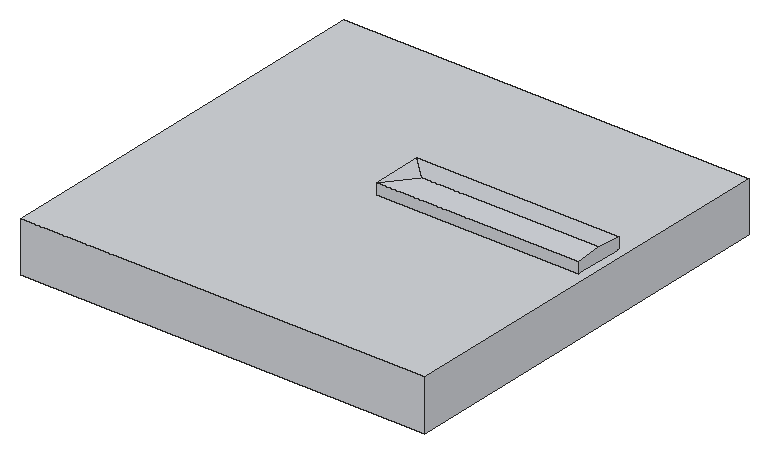
Revit family
Parameters
  Width = 1' - 0"
  WashHeight = 0' - 0 1/2"
  URL = "www.coldspringgranite.com"
  TypicalJointSize = 0' - 0 1/4"
  StoneRidgePlacement = Width / 2  # 0' - 6"
  StoneMaterial = none
  SizeErrorMessage = if(Length - Joint < StoneRidgePlacement, "Length is too short", "Piece is OK")  # "Piece is OK"
  SettingSpace = Height + AirGap  # 0' - 4"
  Product Name = "Match Website"
  Product Documentation Link = "Website Address"
  PhoneNumber = "800-551-7502"
  Notes = ""
  Model = "N/A"
  Manufacturer = "Cold Spring Granite Company"
  Low Emitting Material = yes
  Low Emitting Finish = yes
  Location = "17482 Granite West Road, Cold Spring, MN 56320-4578"
  Length = 4' - 0"
  LEED Credit = ""
  Keynote = "044256"
  JointOff = no
  Joint = if(JointOff, 0' 0", TypicalJointSize / 2)  # 0' - 0 1/8"
  Height = 0' - 3 1/16"
  DripWidth = 0' - 0 1/4"
  DripVisibilityOff = not(DripOn)  # no
  DripToEdge = 0' - 0 1/2"
  DripOnProfile = if(DripOn, 0' 0", Height)  # 0' - 0"
  DripOn = yes
  DripDepth = 0' - 0 1/4"
  Description = "Stone Coping Three Way Wash"
  Default Elevation = 0' - 0"
  CapOverhang = 0' - 1"
  AtMaxLength = if(Length - Joint - 0' 0 1/32" < StoneRidgePlacement, StoneRidgePlacement + Joint + 0' 0 1/32", Length)  # 4' - 0"
  Assembly Code = "B2010160"
  AirGap = 0' - 0 15/16"
Reference planes (in)
  plane 1 "Center (Front/Back)": y = 0
  plane 2: z = 0
  plane 3 "Center (Left/Right)": x = 0
  plane 4 "StoneBack": y = 11
  plane 5 "StoneFront": y = -1
  plane 6 "StoneTop": z = 4
  plane 7 "StoneBottom": z = 0.9375
  plane 8 "Right": x = 47
  plane 9 "StoneRight": x = 46.875
  plane 10 "StoneLeft": x = -1
  plane 11 "StoneRidge": y = 5
  plane 12 "StoneEndRidgePlacement": x = 5
  plane 13 "StoneAngle": z = 3.5
  plane 14 "DripTop": z = 1.1875
  plane 15 "DripBottom": z = 0.9375
  plane 16 "FrontDripFront": y = -0.5
  plane 17 "FrontDripBack": y = -0.25
  plane 18 "BackDripFront": y = 10.5
  plane 19 "BackDripBack": y = 10.25
  plane 20 "LeftDripFront": x = -0.5
  plane 21 "LeftDripBack": x = -0.25
Forms (in)
  Extrusion 1, solid
    sketch origin (0, 0, 0) x (1, 0, 0) y (0, 1, 0)
      loop
        line (-48, 48) -> (-48, -48) -> (48, -48) -> (48, 48) -> (-48, 48)
    from 0 to -12
  Extrusion 2, solid, material <- "StoneMaterial", detail levels coarse
    sketch origin (0, 0, 0) x (0, 1, 0) y (0, 0, 1)
      loop
        line (11, 4) -> (-1, 4) -> (-1, 0.9375) -> (11, 0.9375) -> (11, 4)
    from -1 to 47
  Extrusion 3, solid, material <- "StoneMaterial", detail levels medium+fine
    sketch origin (-1, 0, 0) x (0, 0, 1) y (0, -1, 0)
      loop
        line (3.5, -11) -> (4, -5) -> (3.5, 1) -> (0.9375, 1) -> (0.9375, -11) -> (3.5, -11)
    from 0 to 47.875
  Extrusion 4, void
    sketch origin (0, 11, 0) x (0, 0, -1) y (-1, 0, 0)
      loop
        line (-3.5, 1) -> (-4, 1) -> (-4, -5) -> (-3.5, 1)
    from -12 to 0
  Extrusion 5, void, detail levels medium+fine
    sketch origin (0, 0, 4) x (0, 1, 0) y (-1, 0, 0)
      loop
        line (-0.5, 0.5) -> (-0.5, -46.875) -> (-0.25, -46.875) -> (-0.25, 0.25) -> (10.25, 0.25) -> (10.25, -46.875) -> (10.5, -46.875) -> (10.5, 0.5) -> (-0.5, 0.5)
    from -3.0625 to -2.8125
Cuts and joins
  Extrusion 4, Extrusion 5 cuts Extrusion 3
  Extrusion 5 cuts Extrusion 2
Lines and regions (in)
  Masking region 1, detail levels coarse
    outline origin (0, 0, 0) x (0, 1, 0) y (0, 0, 1)
      loop
        line (11, 0.9375) -> (11, 4) -> (-1, 4) -> (-1, 0.9375) -> (11, 0.9375)
  Masking region 2, detail levels coarse
    outline origin (0, -1, 0) x (0, 0, -1) y (-1, 0, 0)
      loop
        line (-0.9375, 1) -> (-4, 1) -> (-4, -47) -> (-0.9375, -47) -> (-0.9375, 1)
  Masking region 3, detail levels medium
    outline origin (0, -1, 0) x (0, 0, -1) y (-1, 0, 0)
      loop
        line (-0.9375, -46.875) -> (-0.9375, 1) -> (-3.5, 1) -> (-4, -5) -> (-4, -46.875) -> (-0.9375, -46.875)
  Masking region 4, detail levels coarse
    outline origin (0, 0, 4) x (0, 1, 0) y (-1, 0, 0)
      loop
        line (11, 1) -> (-1, 1) -> (-1, -47) -> (11, -47) -> (11, 1)
  Masking region 5, detail levels medium+fine
    outline origin (0, 0, 4) x (0, 1, 0) y (-1, 0, 0)
      loop
        line (11, 1) -> (-1, 1) -> (-1, -46.875) -> (11, -46.875) -> (11, 1)
  Masking region 6, visible <- "DripVisibilityOff", detail levels medium+fine
    outline origin (-1, 0, 0) x (0, 0, 1) y (0, -1, 0)
      loop
        line (3.5, -11) -> (4, -5) -> (3.5, 1) -> (0.9375, 1) -> (0.9375, -11) -> (3.5, -11)
  Masking region 7, visible <- "DripOn", detail levels fine
    outline origin (0, 11, 0) x (0, 0, -1) y (-1, 0, 0)
      loop
        line (-0.9375, 0.5) -> (-0.9375, 1) -> (-3.5, 1) -> (-4, -5) -> (-4, -46.875) -> (-0.9375, -46.875) -> (-0.9375, 0.25) -> (-1.1875, 0.25) -> (-1.1875, 0.5) -> (-0.9375, 0.5)
  Masking region 8, visible <- "DripOn", detail levels fine
    outline origin (-1, 0, 0) x (0, 0, 1) y (0, -1, 0)
      loop
        line (0.9375, -10.5) -> (1.1875, -10.5) -> (1.1875, -10.25) -> (0.9375, -10.25) -> (0.9375, -10.5)
      loop
        line (0.9375, 0.25) -> (1.1875, 0.25) -> (1.1875, 0.5) -> (0.9375, 0.5) -> (0.9375, 0.25)
  Masking region 9, visible <- "DripOn", detail levels medium
    outline origin (46.875, 0, 0) x (0, 0, 1) y (0, -1, 0)
      loop
        line (0.9375, -10.5) -> (0.9375, -11) -> (3.5, -11) -> (4, -5) -> (3.5, 1) -> (0.9375, 1) -> (0.9375, 0.5) -> (1.1875, 0.5) -> (1.1875, 0.25) -> (0.9375, 0.25) -> (0.9375, -10.25) -> (1.1875, -10.25) -> (1.1875, -10.5) -> (0.9375, -10.5)
  Masking region 10, visible <- "DripOn", detail levels medium+fine
    outline origin (0, 0, 0.9375) x (-1, 0, 0) y (0, -1, 0)
      loop
        line (0.5, 0.5) -> (-46.875, 0.5) -> (-46.875, 0.25) -> (0.25, 0.25) -> (0.25, -10.25) -> (-46.875, -10.25) -> (-46.875, -10.5) -> (0.5, -10.5) -> (0.5, 0.5)
  Masking region 11, visible <- "DripVisibilityOff", detail levels fine
    outline origin (0, 11, 0) x (0, 0, -1) y (-1, 0, 0)
      loop
        line (-3.5, 1) -> (-4, -5) -> (-4, -46.875) -> (-0.9375, -46.875) -> (-0.9375, 1) -> (-3.5, 1)
  Masking region 12, visible <- "DripOn", detail levels fine
    outline origin (-1, 0, 0) x (0, 0, 1) y (0, -1, 0)
      loop
        line (3.5, -11) -> (4, -5) -> (3.5, 1) -> (0.9375, 1) -> (0.9375, 0.5) -> (1.1875, 0.5) -> (1.1875, 0.25) -> (0.9375, 0.25) -> (0.9375, -10.25) -> (1.1875, -10.25) -> (1.1875, -10.5) -> (0.9375, -10.5) -> (0.9375, -11) -> (3.5, -11)
  Masking region 13, visible <- "DripOn", detail levels medium
    outline origin (-1, 0, 0) x (0, 0, 1) y (0, -1, 0)
      loop
        line (3.5, -11) -> (4, -5) -> (3.5, 1) -> (0.9375, 1) -> (0.9375, -11) -> (3.5, -11)
  symbolic lines, detail levels medium
    curve 1: line (46.875, 11, 3.5) -> (-1, 11, 3.5)
    curve 2: line (-1, -1, 3.5) -> (-1, 11, 3.5)
  symbolic lines, detail levels medium+fine
    curve 3: line (-1, -1, 4) -> (5, 5, 4)
    curve 4: line (-1, 11, 4) -> (5, 5, 4)
    curve 5: line (5, 5, 4) -> (46.875, 5, 4)
Dimensions and locks (in)
  "AtMaxLength": plane 8 "Right" to plane 10 "StoneLeft"
  "Joint": plane 8 "Right" to plane 9 "StoneRight"
  "Height": plane 6 "StoneTop" to plane 7 "StoneBottom"
  "SettingSpace": plane 6 "StoneTop" to plane 2
  "Width": plane 4 "StoneBack" to plane 5 "StoneFront"
  "CapOverhang": plane 1 "Center (Front/Back)" to plane 5 "StoneFront"
  "StoneRidgePlacement": plane 11 "StoneRidge" to plane 5 "StoneFront"
  "CapOverhang": plane 3 "Center (Left/Right)" to plane 10 "StoneLeft"
  "StoneRidgePlacement": plane 12 "StoneEndRidgePlacement" to plane 10 "StoneLeft"
  "WashHeight": plane 6 "StoneTop" to plane 13 "StoneAngle"
  "DripOnProfile": plane 7 "StoneBottom" to plane 15 "DripBottom"
  "DripDepth": plane 14 "DripTop" to plane 15 "DripBottom"
  "DripToEdge": plane 20 "LeftDripFront" to plane 10 "StoneLeft"
  "DripWidth": plane 20 "LeftDripFront" to plane 21 "LeftDripBack"
  "DripToEdge": plane 4 "StoneBack" to plane 18 "BackDripFront"
  "DripWidth": plane 18 "BackDripFront" to plane 19 "BackDripBack"
  "DripToEdge": plane 16 "FrontDripFront" to plane 5 "StoneFront"
  "DripWidth": plane 17 "FrontDripBack" to plane 16 "FrontDripFront"
  aligned and locked: plane 2 to Extrusion 1
  aligned and locked: level to Extrusion 1
  aligned and locked: plane 4 "StoneBack" to Masking region 1 sketch curve
  aligned and locked: plane 5 "StoneFront" to Masking region 1 sketch curve
  aligned and locked: plane 6 "StoneTop" to Masking region 1 sketch curve
  aligned: Extrusion 2 to plane 3 "Center (Left/Right)"
  aligned and locked: plane 8 "Right" to Extrusion 2
  aligned: Masking region 2 sketch curve to Extrusion 2  (x2)
  aligned and locked: Masking region 2 sketch curve to Extrusion 2
  aligned and locked: plane 10 "StoneLeft" to curve 1
  aligned and locked: plane 9 "StoneRight" to curve 1
  aligned and locked: Masking region 4 sketch curve to Extrusion 2  (x2)
  aligned: Masking region 4 sketch curve to Extrusion 2
  aligned and locked: Masking region 1 sketch curve to plane 7 "StoneBottom"
  aligned and locked: Masking region 2 sketch curve to plane 7 "StoneBottom"
  aligned and locked: plane 10 "StoneLeft" to Masking region 2 sketch curve
  aligned and locked: Extrusion 2 to plane 10 "StoneLeft"
  aligned and locked: plane 4 "StoneBack" to curve 2
  aligned and locked: plane 5 "StoneFront" to curve 2
  aligned and locked: plane 13 "StoneAngle" to curve 2
  aligned and locked: plane 4 "StoneBack" to Extrusion 3 sketch curve  (x2)
  aligned and locked: plane 13 "StoneAngle" to Extrusion 3 sketch curve  (x2)
  aligned and locked: plane 6 "StoneTop" to Extrusion 3 sketch curve
  aligned and locked: plane 11 "StoneRidge" to Extrusion 3 sketch curve
  aligned and locked: plane 5 "StoneFront" to Extrusion 3 sketch curve  (x2)
  aligned and locked: plane 7 "StoneBottom" to Extrusion 3 sketch curve
  aligned and locked: Extrusion 3 to plane 10 "StoneLeft"
  aligned and locked: plane 9 "StoneRight" to Extrusion 3
  aligned and locked: curve 1 to plane 13 "StoneAngle"
  aligned and locked: plane 12 "StoneEndRidgePlacement" to Masking region 3 sketch curve
  aligned and locked: plane 6 "StoneTop" to Masking region 3 sketch curve
  aligned and locked: plane 13 "StoneAngle" to Masking region 3 sketch curve
  aligned and locked: plane 10 "StoneLeft" to Masking region 3 sketch curve
  aligned and locked: plane 11 "StoneRidge" to Masking region 6 sketch curve
  aligned and locked: plane 6 "StoneTop" to Masking region 6 sketch curve
  aligned and locked: plane 5 "StoneFront" to Masking region 6 sketch curve  (x2)
  aligned and locked: plane 13 "StoneAngle" to Masking region 6 sketch curve  (x2)
  aligned and locked: plane 4 "StoneBack" to Masking region 6 sketch curve  (x2)
  aligned and locked: plane 7 "StoneBottom" to Masking region 6 sketch curve
  aligned and locked: plane 10 "StoneLeft" to Extrusion 4 sketch curve  (x2)
  aligned and locked: plane 13 "StoneAngle" to Extrusion 4 sketch curve
  aligned and locked: plane 12 "StoneEndRidgePlacement" to Extrusion 4 sketch curve
  aligned and locked: plane 6 "StoneTop" to Extrusion 4 sketch curve  (x2)
  aligned and locked: Extrusion 4 to plane 5 "StoneFront"
  aligned and locked: plane 4 "StoneBack" to Extrusion 4
  aligned and locked: plane 10 "StoneLeft" to curve 4
  aligned and locked: plane 4 "StoneBack" to curve 4
  aligned and locked: plane 5 "StoneFront" to curve 3
  aligned and locked: plane 10 "StoneLeft" to curve 3
  aligned and locked: Masking region 3 sketch curve to plane 7 "StoneBottom"
  aligned and locked: Masking region 3 sketch curve to plane 9 "StoneRight"
  aligned and locked: Masking region 5 sketch curve to plane 4 "StoneBack"
  aligned and locked: Masking region 5 sketch curve to plane 5 "StoneFront"
  aligned and locked: Masking region 5 sketch curve to plane 10 "StoneLeft"
  aligned and locked: plane 9 "StoneRight" to Masking region 5 sketch curve
  aligned and locked: Extrusion 2 sketch curve to plane 4 "StoneBack"
  aligned and locked: plane 7 "StoneBottom" to Extrusion 2 sketch curve
  aligned and locked: plane 5 "StoneFront" to Extrusion 2 sketch curve
  aligned and locked: Extrusion 2 sketch curve to plane 6 "StoneTop"
  aligned and locked: Masking region 4 sketch curve to plane 4 "StoneBack"
  aligned and locked: Masking region 4 sketch curve to plane 5 "StoneFront"
  aligned and locked: Extrusion 5 sketch curve to plane 16 "FrontDripFront"
  aligned and locked: Extrusion 5 sketch curve to plane 17 "FrontDripBack"
  aligned and locked: Extrusion 5 sketch curve to plane 19 "BackDripBack"
  aligned and locked: Extrusion 5 sketch curve to plane 18 "BackDripFront"
  aligned and locked: Extrusion 5 sketch curve to plane 20 "LeftDripFront"
  aligned and locked: Extrusion 5 sketch curve to plane 21 "LeftDripBack"
  aligned and locked: Extrusion 5 sketch curve to plane 9 "StoneRight"  (x2)
  aligned and locked: Extrusion 5 to plane 15 "DripBottom"
  aligned and locked: Extrusion 5 to plane 14 "DripTop"
  aligned and locked: Masking region 2 to plane 6 "StoneTop"
  aligned and locked: plane 20 "LeftDripFront" to Masking region 7 sketch curve
  aligned and locked: plane 21 "LeftDripBack" to Masking region 7 sketch curve
  aligned and locked: plane 14 "DripTop" to Masking region 7 sketch curve
  aligned and locked: plane 18 "BackDripFront" to Masking region 8 sketch curve
  aligned and locked: plane 19 "BackDripBack" to Masking region 8 sketch curve
  aligned and locked: plane 17 "FrontDripBack" to Masking region 8 sketch curve
  aligned and locked: plane 16 "FrontDripFront" to Masking region 8 sketch curve
  aligned and locked: plane 15 "DripBottom" to Masking region 8 sketch curve
  aligned and locked: plane 14 "DripTop" to Masking region 8 sketch curve
  aligned and locked: plane 18 "BackDripFront" to Masking region 9 sketch curve
  aligned and locked: plane 19 "BackDripBack" to Masking region 9 sketch curve
  aligned and locked: plane 17 "FrontDripBack" to Masking region 9 sketch curve
  aligned and locked: plane 16 "FrontDripFront" to Masking region 9 sketch curve
  aligned and locked: plane 14 "DripTop" to Masking region 9 sketch curve
  aligned and locked: Masking region 10 sketch curve to plane 20 "LeftDripFront"
  aligned and locked: Masking region 10 sketch curve to plane 21 "LeftDripBack"
  aligned and locked: Masking region 10 sketch curve to plane 16 "FrontDripFront"
  aligned and locked: Masking region 10 sketch curve to plane 17 "FrontDripBack"
  aligned and locked: Masking region 10 sketch curve to plane 19 "BackDripBack"
  aligned and locked: Masking region 10 sketch curve to plane 18 "BackDripFront"
  aligned and locked: Masking region 10 sketch curve to plane 9 "StoneRight"  (x2)
  aligned and locked: plane 13 "StoneAngle" to Masking region 7 sketch curve
  aligned and locked: plane 6 "StoneTop" to Masking region 7 sketch curve
  aligned and locked: plane 12 "StoneEndRidgePlacement" to Masking region 7 sketch curve
  aligned and locked: plane 10 "StoneLeft" to Masking region 7 sketch curve
  aligned and locked: plane 9 "StoneRight" to Masking region 7 sketch curve
  aligned and locked: plane 15 "DripBottom" to Masking region 7 sketch curve
  aligned and locked: Masking region 7 sketch curve to plane 15 "DripBottom"
  aligned and locked: plane 13 "StoneAngle" to Masking region 11 sketch curve
  aligned and locked: plane 12 "StoneEndRidgePlacement" to Masking region 11 sketch curve
  aligned and locked: plane 6 "StoneTop" to Masking region 11 sketch curve
  aligned and locked: plane 10 "StoneLeft" to Masking region 11 sketch curve
  aligned and locked: plane 7 "StoneBottom" to Masking region 11 sketch curve
  aligned and locked: plane 9 "StoneRight" to Masking region 11 sketch curve
  aligned and locked: plane 6 "StoneTop" to Masking region 9 sketch curve
  aligned and locked: plane 13 "StoneAngle" to Masking region 9 sketch curve  (x2)
  aligned and locked: plane 4 "StoneBack" to Masking region 9 sketch curve  (x2)
  aligned and locked: plane 11 "StoneRidge" to Masking region 9 sketch curve
  aligned and locked: plane 5 "StoneFront" to Masking region 9 sketch curve  (x2)
  aligned and locked: plane 15 "DripBottom" to Masking region 9 sketch curve
  aligned and locked: Masking region 9 sketch curve to plane 15 "DripBottom"  (x2)
  aligned and locked: plane 4 "StoneBack" to Masking region 12 sketch curve  (x2)
  aligned and locked: plane 13 "StoneAngle" to Masking region 12 sketch curve  (x2)
  aligned and locked: plane 5 "StoneFront" to Masking region 12 sketch curve  (x2)
  aligned and locked: plane 6 "StoneTop" to Masking region 12 sketch curve
  aligned and locked: plane 11 "StoneRidge" to Masking region 12 sketch curve
  aligned and locked: plane 15 "DripBottom" to Masking region 12 sketch curve
  aligned and locked: plane 14 "DripTop" to Masking region 12 sketch curve
  aligned and locked: plane 17 "FrontDripBack" to Masking region 12 sketch curve
  aligned and locked: plane 19 "BackDripBack" to Masking region 12 sketch curve
  aligned and locked: plane 18 "BackDripFront" to Masking region 12 sketch curve
  aligned and locked: plane 16 "FrontDripFront" to Masking region 12 sketch curve
  aligned and locked: Masking region 12 sketch curve to plane 15 "DripBottom"  (x2)
  aligned and locked: Masking region 12 sketch curve to plane 14 "DripTop"
  aligned and locked: plane 4 "StoneBack" to Masking region 13 sketch curve  (x2)
  aligned and locked: plane 13 "StoneAngle" to Masking region 13 sketch curve  (x2)
  aligned and locked: plane 11 "StoneRidge" to Masking region 13 sketch curve
  aligned and locked: plane 6 "StoneTop" to Masking region 13 sketch curve
  aligned and locked: plane 5 "StoneFront" to Masking region 13 sketch curve  (x2)
  aligned and locked: plane 7 "StoneBottom" to Masking region 13 sketch curve
  aligned and locked: plane 12 "StoneEndRidgePlacement" to curve 5
  aligned and locked: plane 9 "StoneRight" to curve 5
  aligned and locked: plane 11 "StoneRidge" to curve 5
Automatic sketch dimensions
  Extrusion 1 sketch curve to Extrusion 1 sketch curve = 8' - 0"  (x2)
  plane 6 "StoneTop" to Masking region 2 sketch curve = 0' - 0"
  Masking region 8 sketch curve to Masking region 8 sketch curve = 0' - 0"
  Masking region 8 sketch curve to plane 14 "DripTop" = 0' - 0"
  Masking region 9 sketch curve to plane 14 "DripTop" = 0' - 0"
Nested families (in)
  nested 1: "CopyRight" at (0, 0, 4), type "CopyRight"
Definition of nested family "CopyRight"
  Parameters (values of type "CopyRight")
    CopyRight = "Cold Spring Granite Company"
  Reference planes (in)
    plane 1: z = 0
